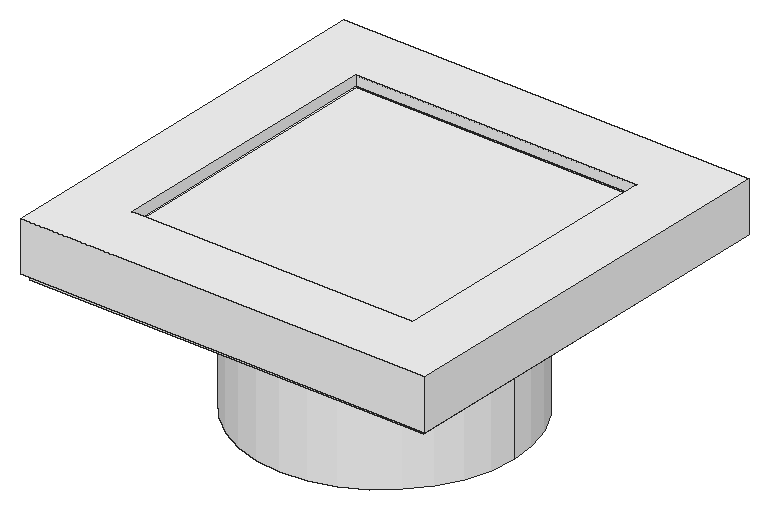
Revit family "Gira_284428", category Electrical Fixtures, host Face, Revit 2017
Family settings
  Host = Face
  Maintain Annotation Orientation = Yes
  Round Connector Dimension = Use Diameter
  Part Type = Normal
  Cut with Voids When Loaded = No
  Shared = No
  Room Calculation Point = No
Parameters (values of type "Wipptaster BS 3f Schließer System 55 Anthrazit")
  Zusammenstellung = "Basiselement mit Adapterplatte"
  White [instance] = White
  Werkstoffgüte = "sonstige"
  Werkstoff = "sonstige"
  URL = "http://katalog.gira.de/de_DE/datenblatt.html?artikelnr=284428"
  Transparent = "No"
  Textfeld/Beschriftungsfläche = "No"
  Region = "DE"
  Oberfläche = "sonstige"
  Name = "Wipptaster BS 3f Schließer System 55 Anthrazit"
  Montageart = "unter Putz"
  Model = "Sys55_Komplettgerät_Schalten und Tasten"
  Mit Beleuchtung = "No"
  Manufacturer URL = "https://www.gira.de/"
  Kontakte = "sonstige"
  HeinzeBIM = "https://bimportal.heinze.de/bim/wipptaster-bs-3f-schliesser-system-55-anthrazit/a07b83df9c1b907445dd3d5535b27d73506e0dd2"
  Halogenfrei = "Yes"
  HAN = "284428"
  Geeignet für Schutzart (IP) = "IP20"
  GTIN = "4010337082064"
  Farbe = "anthrazit"
  Default Elevation = 1219.2 mm
  Data sheet (1) = "https://katalog.gira.de/de_DE/download.html?artikelnr=284428"
  Category = "Taster"
  Befestigungsart = "Krallen-/Schraubbefestigung"
  Bedienungsart = "Wippe"
  Available = "Yes"
  Ausführung = "Gruppentaster"
  Aufdruck = "ohne"
  Anzahl der Betätigungswippen = "3 "
Reference planes
  plane 1 "Center (Front/Back)": y = 0
  plane 2: z = 0
  plane 3 "Center (Left/Right)": x = 0
Forms (mm)
  Extrusion 1, solid, material "White" <- "White", detail levels medium
    sketch origin (0, 0, 0) x (1, 0, 0) y (0, 1, 0)
      loop
        line (-40.4, 40.4) -> (-40.4, -40.4) -> (40.4, -40.4) -> (40.4, 40.4) -> (-40.4, 40.4)
      loop
        line (-28, 28) -> (-28, -28) -> (28, -28) -> (28, 28) -> (-28, 28)
    from 0 to 10
  Extrusion 2, solid, material "White" <- "White", detail levels fine
    sketch origin (0, 0, 0) x (1, 0, 0) y (0, 1, 0)
      loop
        line (-40.4, 40.4) -> (-40.4, -40.4) -> (40.4, -40.4) -> (40.4, 40.4) -> (-40.4, 40.4)
      loop
        line (-28, 28) -> (-28, -28) -> (28, -28) -> (28, 28) -> (-28, 28)
    from 0 to 10
  Extrusion 3, void
    sketch origin (0, 0, 0) x (1, 0, 0) y (0, 1, 0)
      loop
        line (-38.4, 38.4) -> (-38.4, -38.4) -> (38.4, -38.4) -> (38.4, 38.4) -> (-38.4, 38.4)
    from 0 to 8
  Extrusion 4, solid, material "White" <- "White", detail levels medium+fine
    sketch origin (0, 0, 0) x (1, 0, 0) y (0, 1, 0)
      loop
        line (-39.4, 39.4) -> (-39.4, -39.4) -> (39.4, -39.4) -> (39.4, 39.4) -> (-39.4, 39.4)
    from 0 to -1
  Extrusion 5, solid, material "White" <- "White", detail levels medium+fine
    sketch origin (0, 0, 0) x (1, 0, 0) y (0, 1, 0)
      loop
        line (-35.5, 35.5) -> (-35.5, -35.5) -> (35.5, -35.5) -> (35.5, 35.5) -> (-35.5, 35.5)
    from -2 to -3
  Extrusion 6, solid, material "White" <- "White", detail levels medium+fine
    sketch origin (0, 0, 0) x (1, 0, 0) y (0, 1, 0)
      loop
        circle (0, 0) r 26
    from 0 to -27.5
  Extrusion 7, solid, material "White" <- "White", detail levels coarse
    sketch origin (0, 0, 0) x (1, 0, 0) y (0, 1, 0)
      loop
        line (-40.4, 40.4) -> (-40.4, -40.4) -> (40.4, -40.4) -> (40.4, 40.4) -> (-40.4, 40.4)
    from -27.5 to 10
Cuts and joins
  Extrusion 3 cuts Extrusion 2
Dimensions and locks
  aligned and locked: plane 2 to host face
  aligned and locked: level to host face
  aligned and locked: plane 3 "Center (Left/Right)" to nested 2
  aligned and locked: plane 1 "Center (Front/Back)" to nested 2
Nested families
  nested 1: "Sys55_Abdeckung_Schalten und Tasten_floor_base" at (0, 0, 0), type "Sys55_Abdeckung_Schalten und Tasten_floor_base"
  nested 2: "Schalter" at (0, 0, 0), type "Schalter"
Connectors
  electrical at (0, 0, -27.5)
    settings: on Extrusion 6, index 1, voltage 220 V, apparent load 0 VA, apparent load phase1 0 VA, apparent load phase2 0 VA, apparent load phase3 0 VA, power factor 1, load classification "Other", number of poles 1, system type 30, power factor state 1, is connector primary yes, connector utility no, sub classification motor no, connector description ""
Definition of nested family "Sys55_Abdeckung_Schalten und Tasten_floor_base"
  Parameters
    Default Elevation = 1219.2 mm
    White [instance] = none
  Reference planes
    plane 1 "Center (Front/Back)": y = 0
    plane 2: z = 0
    plane 3 "Center (Left/Right)": x = 0
  Forms (mm)
    Extrusion 1, solid
      sketch origin (0, 0, 0) x (1, 0, 0) y (0, 1, 0)
        loop
          line (-1219.2, 1219.2) -> (-1219.2, -1219.2) -> (1219.2, -1219.2) -> (1219.2, 1219.2) -> (-1219.2, 1219.2)
      from 0 to -304.8
    Extrusion 2, solid, material <- "White", detail levels fine
      sketch origin (0, 0, 0) x (1, 0, 0) y (0, 1, 0)
        loop
          line (-27.5, 27.5) -> (-27.5, -27.5) -> (27.5, -27.5) -> (27.5, 27.5) -> (-27.5, 27.5)
      from 0 to 8
    Extrusion 3, void
      sketch origin (0, 0, 0) x (1, 0, 0) y (0, 1, 0)
        loop
          line (26, 26) -> (-26, 26) -> (-26, -26) -> (26, -26) -> (26, 26)
      from 0 to 6
    Extrusion 4, solid, material <- "White", detail levels medium
      sketch origin (0, 0, 0) x (1, 0, 0) y (0, 1, 0)
        loop
          line (-27.5, 27.5) -> (-27.5, -27.5) -> (27.5, -27.5) -> (27.5, 27.5) -> (-27.5, 27.5)
      from 0 to 8
    Extrusion 5, solid, material <- "White", detail levels medium
      sketch origin (0, 0, 0) x (1, 0, 0) y (0, 1, 0)
        loop
          line (11, -17.5) -> (11, 17.5) -> (-11, 17.5) -> (-11, -17.5) -> (11, -17.5)
      from -6 to 6
    Extrusion 6, solid, material <- "White", detail levels fine
      sketch origin (0, 0, 0) x (1, 0, 0) y (0, 1, 0)
        loop
          line (11, 17.5) -> (-11, 17.5) -> (-11, 16.5) -> (11, 16.5) -> (11, 17.5)
        loop
          line (-11, -16.5) -> (-11, -17.5) -> (11, -17.5) -> (11, -16.5) -> (-11, -16.5)
      from -4 to 6
    Extrusion 7, solid, material <- "White", detail levels fine
      sketch origin (0, 0, 0) x (1, 0, 0) y (0, 1, 0)
        loop
          arc (5, 9.347) -> (0, 10.6) -> (-5, 9.347) r 10.6
          line (-5, 9.347) -> (-5, -9.347)
          arc (-5, -9.347) -> (0, -10.6) -> (5, -9.347) r 10.6
          line (5, -9.347) -> (5, 9.347)
      from -6 to 6
    Extrusion 8, solid, material <- "White", detail levels coarse
      sketch origin (0, 0, 0) x (1, 0, 0) y (0, 1, 0)
        loop
          line (-27.5, 27.5) -> (-27.5, -27.5) -> (27.5, -27.5) -> (27.5, 27.5) -> (-27.5, 27.5)
      from -6 to 8
  Cuts and joins
    Extrusion 3 cuts Extrusion 2
  Dimensions and locks
    aligned and locked: plane 2 to Extrusion 1
    aligned and locked: level to Extrusion 1
Definition of nested family "Schalter"
  Reference planes
    plane 1: y = 0
    plane 2: x = 0
  Lines and regions (mm)
    detail lines
      curve 1: circle (1.375, 2.778, 0) r 0.8 normal (0, 0, 1)
      curve 2: line (1.021, 2.061, 0) -> (0, 0, 0)
      curve 3: line (0, 0, 0) -> (-0.538, 0.266, 0)
  Dimensions and locks
    curve 2 to curve 2 = 2.3 mm
    curve 3 to curve 2 = 0.6 mm
    radius of curve 1 = 0.8 mm
